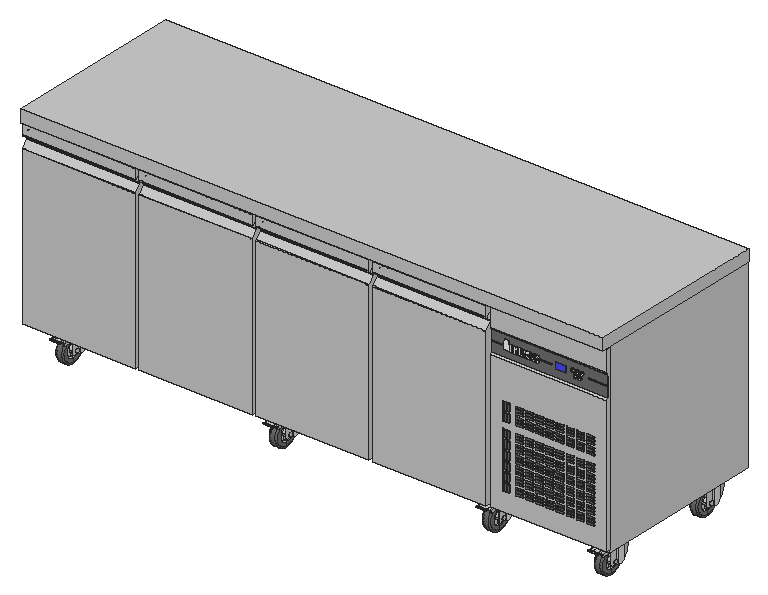
Revit family "QF_INOMAK_PNRP9999_250515103511", category Specialty Equipment, Revit 2021
Family settings
  Round Connector Dimension = Use Diameter
  Part Type = Normal
  OmniClass Number = 23.40.40.14
  OmniClass Title = Food Service Equipment
  Work Plane-Based = No
  Always vertical = Yes
  Cut with Voids When Loaded = No
  Shared = No
  Room Calculation Point = No
Parameters (values of type "PNRP9999")
  Weight [instance] = 162.00 kg
  Warranty Start Date [instance] = ""
  Warranty Duration [instance] = ""
  Volts [instance] = 230 V
  Volt Free Conn [instance] = no
  URL Recommended Spares List [instance] = ""
  URL Manufacturer [instance] = ""
  URL Cutsheet [instance] = ""
  URL Critical Spares List [instance] = ""
  URL = "www.inomak.com"
  Technical Documentation [instance] = ""
  Tag Number [instance] = ""
  Status [instance] = ""
  Start Up Current [instance] = 0 A
  Specification by User [instance] = ""
  Specification by Manufacturer [instance] = ""
  Sound Level [instance] = ""
  Show Logo [instance] = yes
  Show Clearances [instance] = yes
  Service Life Duration [instance] = ""
  Serial Number [instance] = ""
  Seismic Rating [instance] = ""
  SMACNA No [instance] = ""
  Revision Code [instance] = ""
  Revision [instance] = ""
  Production Year [instance] = ""
  Potential Equalisation [instance] = no
  Point Load [instance] = 0
  Phase [instance] = 1
  Other Equipment Approvals [instance] = ""
  Operational Current [instance] = 0 A
  Number of Poles [instance] = 2
  No Load Power Draw [instance] = no
  NAFEM Spec ID Number [instance] = ""
  Model Warning [instance] = ""
  Model = "PNRP9999"
  Min Ckt Ampacity [instance] = 0 A
  Max Overcurrent Protection [instance] = 10 A
  Masterspec [instance] = ""
  Manufacturer = "INOMAK"
  Main switch integrated [instance] = no
  Length Actual [instance] = 2242 mm
  Item Number [instance] = ""
  Installed By [instance] = ""
  Installation Date [instance] = ""
  Identify Quantity as Lot [instance] = no
  ID [instance] = ""
  Hygiene Approval [instance] = ""
  Height Actual [instance] = 900 mm
  HP power [instance] = ""
  Furnished By [instance] = ""
  Foodservice Equipment Identifier [instance] = no
  FL Amps [instance] = 1.94 A
  Electrical Remarks [instance] = ""
  Electric power [instance] = 450 W
  Electric Connection Type [instance] = ""
  Elec Conn RI Height [instance] = 0 mm
  Elec Conn Connection Height [instance] = 0 mm
  ETL Approved [instance] = no
  Description = "PINE REFRIGERATED COUNTER WITH 4 GN 1/1 DOORS"
  Depth Actual [instance] = 700 mm
  Default Elevation = 0 mm
  Cycle [instance] = 50 Hz
  Cost = 0
  Connection to energy optimisation system [instance] = yes
  Conn Plug [instance] = ""
  Conn Conduit [instance] = no
  Centralized building control system with digital interface [instance] = ""
  CSI MasterFormat [instance] = ""
  CE Approved [instance] = no
  Barcode [instance] = 0
  Author [instance] = ""
  Asset Identifier [instance] = ""
  Apparent Power [instance] = 450 VA
  Accessory [instance] = no
Reference planes
  plane 1 "Center (Front/Back)": y = 0
  plane 2: z = 0
  plane 3 "Center (Left/Right)": x = 0
Forms (mm)
  Extrusion 1, solid, not visible
    sketch origin (1835.09, -100.005, 132.006) x (1, 0, 0) y (0, 1, 0)
      loop
        line (-2, 2) -> (-2, -2) -> (2, -2) -> (2, 2) -> (-2, 2)
    from -2 to 2
Dimensions and locks
  locked: nested 2 to Extrusion 1 at 2  (x2)
  aligned and locked: level to plane 2
Nested families
  nested 1: "QF_INOMAK_REF_COUNTERS_2240_2920" at (0, 0, 130), type "PNRP9999"
    with Weight 162.00 kg, Warranty Start Date "", Warranty Duration "", URL Cutsheet "", Technical Documentation "", Tag Number "", Status "", Specification by User "", Specification by Manufacturer "", Sound Level "", Solid Fuel Type "", Show Clearances yes, Show Clearance yes, Service Life Duration "", Serial Number "", Seismic Rating "", SMACNA No "", Revision Code "", Revision "", Production Year "", Point Load 0, Other Equipment Approvals "", NAFEM Spec ID Number "", Model Warning "", Masterspec "", Length Actual 2242 mm, Item Number "", Installed By "", Installation Date "", Identify Quantity as Lot yes, ID "", Hygiene Approval "", Height Actual 900 mm, Furnished By "", Foodservice Equipment Identifier yes, Finish none, ETL Approved yes, Depth Actual 700 mm, CSI MasterFormat "", CE Approved yes, Barcode "", Author "", Asset Identifier "", Accessory no
  nested 2: "CONN_POINT_ELE_2D___Generic_Annotation" at (1835.09, -100.005, 130.006), type "CONN_POINT_ELE_2D___Generic_Annotation"
    with Onboard connection annotation symbol visibility yes
  nested 3: "QF_INOMAK_REF_COUNTERS_DOORS_DRAWERS_6956" at (0, -700, 130), type "DR-LX-710"
    with Weight 0.00 kg, Warranty Start Date "", Warranty Duration "", URL Cutsheet "", Top inset 10 mm, Technical Documentation "", Tag Number "", Status "", Specification by User "", Specification by Manufacturer "", Sound Level "", Solid Fuel Type "", Show Logo yes, Show Clearances yes, Service Life Duration "", Serial Number "", Seismic Rating "", SMACNA No "", Right panel thickness 0 mm, Revision Code "", Revision "", Rear inset 0 mm, Production Year "", Point Load 0, Plinth height 0 mm, Other Equipment Approvals "", NAFEM Spec ID Number "", Model Warning "", Masterspec "", Length Actual 435 mm, Left panel thickness 0 mm, Item Number "", Installed By "", Installation Date "", Identify Quantity as Lot yes, ID "", Hygiene Approval "", Height Actual 710 mm, Furnished By "", Front inset 10 mm, Foodservice Equipment Identifier yes, Finish none, ETL Approved yes, Doors drawers type 8, Depth Actual 80 mm, CSI MasterFormat "", CE Approved yes, Bottom inset 10 mm, Barcode "", Author "", Asset Identifier "", Accessory yes
  nested 4: "QF_INOMAK_REF_COUNTERS_DOORS_DRAWERS_16430" at (450, -700, 130), type "DR-RX-710"
    with Weight 0.00 kg, Warranty Start Date "", Warranty Duration "", URL Cutsheet "", Top inset 10 mm, Technical Documentation "", Tag Number "", Status "", Specification by User "", Specification by Manufacturer "", Sound Level "", Solid Fuel Type "", Show Logo yes, Show Clearances yes, Service Life Duration "", Serial Number "", Seismic Rating "", SMACNA No "", Right panel thickness 0 mm, Revision Code "", Revision "", Rear inset 0 mm, Production Year "", Point Load 0, Plinth height 0 mm, Other Equipment Approvals "", NAFEM Spec ID Number "", Model Warning "", Masterspec "", Length Actual 435 mm, Left panel thickness 0 mm, Item Number "", Installed By "", Installation Date "", Identify Quantity as Lot yes, ID "", Hygiene Approval "", Height Actual 710 mm, Furnished By "", Front inset 10 mm, Foodservice Equipment Identifier yes, Finish none, ETL Approved yes, Doors drawers type 9, Depth Actual 80 mm, CSI MasterFormat "", CE Approved yes, Bottom inset 10 mm, Barcode "", Author "", Asset Identifier "", Accessory yes
  nested 5: "QF_INOMAK_REF_COUNTERS_DOORS_DRAWERS_25901" at (900, -700, 130), type "DR-LX-710"
    with Weight 0.00 kg, Warranty Start Date "", Warranty Duration "", URL Cutsheet "", Top inset 10 mm, Technical Documentation "", Tag Number "", Status "", Specification by User "", Specification by Manufacturer "", Sound Level "", Solid Fuel Type "", Show Logo yes, Show Clearances yes, Service Life Duration "", Serial Number "", Seismic Rating "", SMACNA No "", Right panel thickness 0 mm, Revision Code "", Revision "", Rear inset 0 mm, Production Year "", Point Load 0, Plinth height 0 mm, Other Equipment Approvals "", NAFEM Spec ID Number "", Model Warning "", Masterspec "", Length Actual 435 mm, Left panel thickness 0 mm, Item Number "", Installed By "", Installation Date "", Identify Quantity as Lot yes, ID "", Hygiene Approval "", Height Actual 710 mm, Furnished By "", Front inset 10 mm, Foodservice Equipment Identifier yes, Finish none, ETL Approved yes, Doors drawers type 8, Depth Actual 80 mm, CSI MasterFormat "", CE Approved yes, Bottom inset 10 mm, Barcode "", Author "", Asset Identifier "", Accessory yes
  nested 6: "QF_INOMAK_REF_COUNTERS_DOORS_DRAWERS_35354" at (1350, -700, 130), type "DR-RX-710"
    with Weight 0.00 kg, Warranty Start Date "", Warranty Duration "", URL Cutsheet "", Top inset 10 mm, Technical Documentation "", Tag Number "", Status "", Specification by User "", Specification by Manufacturer "", Sound Level "", Solid Fuel Type "", Show Logo yes, Show Clearances yes, Service Life Duration "", Serial Number "", Seismic Rating "", SMACNA No "", Right panel thickness 0 mm, Revision Code "", Revision "", Rear inset 0 mm, Production Year "", Point Load 0, Plinth height 0 mm, Other Equipment Approvals "", NAFEM Spec ID Number "", Model Warning "", Masterspec "", Length Actual 435 mm, Left panel thickness 0 mm, Item Number "", Installed By "", Installation Date "", Identify Quantity as Lot yes, ID "", Hygiene Approval "", Height Actual 710 mm, Furnished By "", Front inset 10 mm, Foodservice Equipment Identifier yes, Finish none, ETL Approved yes, Doors drawers type 9, Depth Actual 80 mm, CSI MasterFormat "", CE Approved yes, Bottom inset 10 mm, Barcode "", Author "", Asset Identifier "", Accessory yes
  nested 7: "QF_INOMAK_REF_COUNTERS_WORKTOPS_44825" at (0, 0, 840), type "WTWT-2240-700"
    with Worktop without backsplash yes, Worktop with backsplash no, Worktop type 3, Worktop thickness 46 mm, Without worktop no, Weight 0.00 kg, Warranty Start Date "", Warranty Duration "", URL Cutsheet "", Technical Documentation "", Tag Number "", Status "", Specification by User "", Specification by Manufacturer "", Sound Level "", Solid Fuel Type "", Show Logo yes, Show Clearances yes, Service Life Duration "", Serial Number "", Seismic Rating "", SMACNA No "", Revision Code "", Revision "", Production Year "", Point Load 0, Other Equipment Approvals "", NAFEM Spec ID Number "", Model Warning "", Masterspec "", Length Actual 2242 mm, Item Number "", Installed By "", Installation Date "", Identify Quantity as Lot yes, ID "", Hygiene Approval "", Height Actual 46 mm, Height AFF 0 mm, Furnished By "", Foodservice Equipment Identifier yes, Finish none, ETL Approved yes, Depth Actual 700 mm, CSI MasterFormat "", CE Approved yes, Barcode "", Backsplash thickness 20 mm, Backsplash height 60 mm, Author "", Asset Identifier "", Accessory yes
  nested 8: "QF_INOMAK_REF_COUNTERS_CASTORS_46652" at (0, 0, 0), type "CT-2240-700"
    with Weight 0.00 kg, Warranty Start Date "", Warranty Duration "", URL Cutsheet "", Technical Documentation "", Tag Number "", Status "", Specification by User "", Specification by Manufacturer "", Sound Level "", Solid Fuel Type "", Show Logo yes, Show Clearances yes, Service Life Duration "", Serial Number "", Seismic Rating "", SMACNA No "", Revision Code "", Revision "", Production Year "", Point Load 0, Other Equipment Approvals "", NAFEM Spec ID Number "", Model Warning "", Masterspec "", Length Actual 2242 mm, Item Number "", Installed By "", Installation Date "", Identify Quantity as Lot yes, ID "", Hygiene Approval "", Height Actual 130 mm, Furnished By "", Foodservice Equipment Identifier yes, ETL Approved yes, Depth Actual 700 mm, CSI MasterFormat "", CE Approved yes, Barcode "", Author "", Asset Identifier "", Accessory yes
Connectors
  electrical at (1835.09, -100.005, 130.006), driven by "Apparent Power", driven by "Number of Poles", driven by "Volts"
    settings: on Extrusion 1, index 1, voltage 230 V, apparent load 0 VA, apparent load phase1 450 VA, apparent load phase2 0 VA, apparent load phase3 0 VA, power factor 1, load classification "Other", number of poles 2, system type 31, power factor state 1, is connector primary yes, connector utility no, sub classification motor no, connector description "Electrical connection for PNRP9999"
Definition of nested family "QF_INOMAK_REF_COUNTERS_2240_2920"
  Parameters (values of type "PNRP9999")
    Weight [instance] = 0.00 kg
    Warranty Start Date [instance] = ""
    Warranty Duration [instance] = ""
    URL Cutsheet [instance] = ""
    URL = "www.inomak.com"
    Technical Documentation [instance] = ""
    Tag Number [instance] = ""
    Status [instance] = ""
    Specification by User [instance] = ""
    Specification by Manufacturer [instance] = ""
    Sound Level [instance] = ""
    Solid Fuel Type [instance] = ""
    Show Logo = yes
    Show Clearances [instance] = yes
    Show Clearance [instance] = yes
    Service Life Duration [instance] = ""
    Serial Number [instance] = ""
    Seismic Rating [instance] = ""
    SMACNA No [instance] = ""
    Revision Code [instance] = ""
    Revision [instance] = ""
    Production Year [instance] = ""
    Point Load [instance] = 0
    Other Equipment Approvals [instance] = ""
    NAFEM Spec ID Number [instance] = ""
    Model Warning [instance] = ""
    Model = "PNRP9999"
    Masterspec [instance] = ""
    Manufacturer = "INOMAK"
    Length Actual [instance] = 0 mm
    Length = 2242 mm
    Item Number [instance] = ""
    Installed By [instance] = ""
    Installation Date [instance] = ""
    Identify Quantity as Lot [instance] = yes
    ID [instance] = ""
    Hygiene Approval [instance] = ""
    Height Actual [instance] = 0 mm
    Height = 710 mm
    Furnished By [instance] = ""
    Foodservice Equipment Identifier [instance] = yes
    Finish [instance] = none
    ETL Approved [instance] = yes
    Description = "PINE REFRIGERATED COUNTER WITH 4 GN 1/1 DOORS"
    Depth Actual [instance] = 0 mm
    Depth = 700 mm
    Default Elevation = 0 mm
    CSI MasterFormat [instance] = ""
    CE Approved [instance] = yes
    Barcode [instance] = ""
    Author [instance] = ""
    Asset Identifier [instance] = ""
    Assembly Code = "E1090320"
    Accessory [instance] = yes
  Types (2, lengths in mm): name | Model | Description | Depth
    PNRP9999 | "PNRP9999" | "PINE REFRIGERATED COUNTER WITH 4 GN 1/1 DOORS" | 700
    PMRP9999 | "PMRP9999" | "CLOVER CHILLER COUNTER WITH 4 DOORS, COMPACT DIMENSIONS" | 600
  Reference planes
    plane 1 "Back": y = 0
    plane 2: z = 0
    plane 3 "Left": x = 0
    plane 4 "Right": x = 2242
    plane 5 "Front": y = -700
    plane 6 "Top": z = 710
  Forms (mm)
    Extrusion 1, solid, material <- "Finish"
      sketch origin (0, 0, 0) x (1, 0, 0) y (0, 1, 0)
        loop
          line (0, -648) -> (30, -648) -> (30, -30) -> (1767, -30) -> (1767, -648) -> (1797, -648) -> (1797, -665) -> (2242, -665) -> (2242, 0) -> (0, 0) -> (0, -648)
      from 0 to 710
    Extrusion 2, solid, material <- "Finish"
      sketch origin (0, 0, 0) x (1, 0, 0) y (0, 1, 0)
        loop
          line (30, -30) -> (30, -648) -> (1767, -648) -> (1767, -30) -> (30, -30)
      from 0 to 45
    Extrusion 3, solid, material <- "Finish"
      sketch origin (0, 0, 710) x (0, 1, 0) y (-1, 0, 0)
        loop
          line (-30, -30) -> (-648, -30) -> (-648, -1767) -> (-30, -1767) -> (-30, -30)
      from 0 to -30
    Extrusion 4, solid, material <- "Finish"
      sketch origin (2242, 0, 0) x (0, -1, 0) y (0, 0, 1)
        loop
          line (683.05, 705) -> (665, 705) -> (665, 10) -> (683.05, 10) -> (683.05, 532.058) -> (676.05, 539.058) -> (676.05, 618.864) -> (683.05, 625.864) -> (683.05, 705)
      from 0 to 445
    Extrusion 5, solid
      sketch origin (0, -700, 0) x (-1, 0, 0) y (0, 0, 1)
        loop
          circle (-2108.654, 586.73) r 6.965
        loop
          circle (-2125.685, 586.73) r 6.965
        loop
          circle (-2142.694, 586.73) r 6.965
        loop
          circle (-2117.18, 568.729) r 6.965
        loop
          circle (-2134.189, 568.729) r 6.965
        loop
          circle (-2108.654, 586.73) r 3.965
        loop
          circle (-2125.685, 586.73) r 3.965
        loop
          circle (-2142.694, 586.73) r 3.965
        loop
          circle (-2117.18, 568.729) r 3.965
        loop
          circle (-2134.189, 568.729) r 3.965
      from 23 to 25.5
    Extrusion 6, solid
      sketch origin (0, -700, 0) x (-1, 0, 0) y (0, 0, 1)
        loop
          line (-2080.865, 590.461) -> (-2080.865, 567.461) -> (-2040.865, 567.461) -> (-2040.865, 590.461) -> (-2080.865, 590.461)
      from 23 to 25.5
    Extrusion 7, solid
      sketch origin (0, -700, 0) x (-1, 0, 0) y (0, 0, 1)
        loop
          line (-1797, 618.864) -> (-2242, 618.864) -> (-2242, 539.058) -> (-1797, 539.058) -> (-1797, 618.864)
      from 23.5 to 25.5
    Extrusion 8, solid, visible <- "Show Logo"
      sketch origin (0, -700, 0) x (-1, 0, 0) y (0, 0, 1)
        loop
          line (-1841.061, 591.01) -> (-1847.061, 591.01) -> (-1847.061, 602.118) -> (-1861.298, 602.118) -> (-1861.298, 591.01) -> (-1867.298, 591.01) -> (-1867.298, 564.76) -> (-1841.061, 564.76) -> (-1841.061, 591.01)
        loop
          line (-1871.613, 590.698) -> (-1878.903, 590.698) -> (-1878.903, 564.76) -> (-1871.613, 564.76) -> (-1871.613, 590.698)
        loop
          line (-1881.422, 564.76) -> (-1881.422, 590.698) -> (-1888.256, 590.698) -> (-1891.449, 578.78) -> (-1891.449, 590.698) -> (-1897.982, 590.698) -> (-1897.982, 564.76) -> (-1891.449, 564.76) -> (-1887.735, 578.623) -> (-1887.735, 564.76) -> (-1881.422, 564.76)
        loop
          line (-1918.664, 564.76) -> (-1918.664, 590.698) -> (-1927.626, 590.698) -> (-1929.988, 576.688) -> (-1932.35, 590.698) -> (-1941.312, 590.698) -> (-1941.312, 564.76) -> (-1934.687, 564.76) -> (-1934.687, 578.623) -> (-1932.35, 564.76) -> (-1927.626, 564.76) -> (-1925.289, 578.623) -> (-1925.289, 564.76) -> (-1918.664, 564.76)
        loop
          line (-1903.851, 590.698) -> (-1913.176, 590.698)
          arc (-1913.176, 590.698) -> (-1915.773, 589.622) -> (-1916.849, 587.026) r 3.672
          line (-1916.849, 587.026) -> (-1916.849, 568.433)
          arc (-1916.849, 568.433) -> (-1915.773, 565.836) -> (-1913.176, 564.76) r 3.672
          line (-1913.176, 564.76) -> (-1903.851, 564.76)
          arc (-1903.851, 564.76) -> (-1901.255, 565.836) -> (-1900.179, 568.433) r 3.672
          line (-1900.179, 568.433) -> (-1900.179, 587.026)
          arc (-1900.179, 587.026) -> (-1901.255, 589.622) -> (-1903.851, 590.698) r 3.672
        loop
          arc (-1907.487, 587.542) -> (-1908.514, 588.569) -> (-1909.541, 587.542) r 1.027
          line (-1909.541, 587.542) -> (-1909.541, 568.949)
          arc (-1909.541, 568.949) -> (-1908.514, 567.922) -> (-1907.487, 568.949) r 1.027
          line (-1907.487, 568.949) -> (-1907.487, 587.542)
        loop
          line (-1942.382, 564.76) -> (-1946.755, 590.698) -> (-1955.615, 590.698) -> (-1959.988, 564.76) -> (-1953.461, 564.76) -> (-1952.852, 569.723) -> (-1949.518, 569.723) -> (-1948.909, 564.76) -> (-1942.382, 564.76)
        loop
          line (-1950.074, 574.252) -> (-1951.185, 583.299) -> (-1952.296, 574.252) -> (-1950.074, 574.252)
        loop
          line (-1960.954, 564.76) -> (-1960.954, 590.698) -> (-1967.579, 590.698) -> (-1967.579, 581.585) -> (-1970.365, 590.698) -> (-1977.803, 590.698) -> (-1973.474, 579.422) -> (-1978.522, 564.76) -> (-1970.939, 564.76) -> (-1967.579, 577.3) -> (-1967.579, 564.76) -> (-1960.954, 564.76)
      from 23 to 25.5
    Extrusion 9, solid
      sketch origin (0, -700, 0) x (-1, 0, 0) y (0, 0, 1)
        loop
          line (-1797, 580.961) -> (-1833.995, 580.961) -> (-1833.995, 576.961) -> (-1797, 576.961) -> (-1797, 580.961)
        loop
          line (-1982, 580.961) -> (-2026.365, 580.961) -> (-2026.365, 576.961) -> (-1982, 576.961) -> (-1982, 580.961)
        loop
          line (-2242, 580.961) -> (-2242, 576.961) -> (-2168.755, 576.961) -> (-2168.755, 580.961) -> (-2242, 580.961)
      from 23 to 25.5
  Cuts and joins
    joined: Extrusion 1, Extrusion 2, Extrusion 3
  Lines and regions (mm)
    symbolic lines, visible <- "Show Clearance"
      curve 1: line (0, 0, 0) -> (2242, 0, 0)
      curve 2: line (2242, 0, 0) -> (2242, -700, 0)
      curve 3: line (2242, -700, 0) -> (0, -700, 0)
      curve 4: line (0, -700, 0) -> (0, 0, 0)
  Dimensions and locks
    "Length": plane 3 "Left" to plane 4 "Right"
    "Depth": plane 5 "Front" to plane 1 "Back"
    "Height": plane 6 "Top" to plane 2
    aligned and locked: level to plane 2
    aligned and locked: plane 6 "Top" to Extrusion 1
    aligned and locked: nested 1 to plane 4 "Right"
    aligned and locked: plane 5 "Front" to nested 1
    aligned and locked: plane 5 "Front" to curve 3
  Automatic sketch dimensions
    plane 3 "Left" to Extrusion 2 sketch curve = 30 mm
    plane 4 "Right" to Extrusion 2 sketch curve = 475 mm
    plane 1 "Back" to Extrusion 2 sketch curve = 30 mm
    plane 1 "Back" to Extrusion 3 sketch curve = 30 mm
    plane 4 "Right" to Extrusion 3 sketch curve = 475 mm
    plane 3 "Left" to Extrusion 3 sketch curve = 30 mm
    Extrusion 1 sketch curve to plane 3 "Left" = 0 mm
    plane 1 "Back" to Extrusion 1 sketch curve = 0 mm
    Extrusion 1 sketch curve to plane 4 "Right" = 0 mm
    plane 3 "Left" to Extrusion 1 sketch curve = 30 mm
    plane 1 "Back" to Extrusion 1 sketch curve = 30 mm
    plane 4 "Right" to Extrusion 1 sketch curve = 475 mm
    Extrusion 1 sketch curve to Extrusion 1 sketch curve = 30 mm
    plane 5 "Front" to Extrusion 1 sketch curve = 35 mm
    plane 5 "Front" to Extrusion 1 sketch curve = 52 mm
    Extrusion 1 sketch curve to Extrusion 1 sketch curve = 17 mm
    plane 5 "Front" to Extrusion 2 sketch curve = 52 mm
    plane 5 "Front" to Extrusion 3 sketch curve = 52 mm
    Extrusion 4 sketch curve to plane 6 "Top" = 5 mm
    plane 5 "Front" to Extrusion 4 sketch curve = 35 mm
    plane 5 "Front" to Extrusion 4 sketch curve = 23.95 mm
    Extrusion 4 sketch curve to Extrusion 4 sketch curve = 7 mm  (x4)
    Extrusion 4 sketch curve to Extrusion 4 sketch curve = 79.136 mm
    Extrusion 4 sketch curve to Extrusion 4 sketch curve = 79.807 mm
    level to Extrusion 4 sketch curve = 10 mm
    Extrusion 5 sketch curve to Extrusion 5 sketch curve = 0 mm  (x13)
    plane 4 "Right" to Extrusion 5 sketch curve = 99.306 mm
    Extrusion 5 sketch curve to Extrusion 5 sketch curve = 8.505 mm
    Extrusion 5 sketch curve to Extrusion 5 sketch curve = 17.009 mm  (x2)
    Extrusion 5 sketch curve to Extrusion 5 sketch curve = 17.03 mm
    Extrusion 5 sketch curve to plane 6 "Top" = 141.271 mm
    Extrusion 5 sketch curve to Extrusion 5 sketch curve = 18.001 mm
    plane 4 "Right" to Extrusion 6 sketch curve = 161.135 mm
    Extrusion 6 sketch curve to Extrusion 6 sketch curve = 40 mm
    Extrusion 6 sketch curve to plane 6 "Top" = 142.539 mm
    Extrusion 6 sketch curve to Extrusion 6 sketch curve = 23 mm
    plane 4 "Right" to Extrusion 7 sketch curve = 0 mm
    Extrusion 7 sketch curve to plane 6 "Top" = 170.942 mm
    plane 4 "Right" to Extrusion 7 sketch curve = 445 mm
    Extrusion 7 sketch curve to Extrusion 7 sketch curve = 79.807 mm
    plane 4 "Right" to Extrusion 8 sketch curve = 263.478 mm
    Extrusion 8 sketch curve to Extrusion 8 sketch curve = 0.72 mm
    Extrusion 8 sketch curve to plane 6 "Top" = 130.578 mm
    Extrusion 8 sketch curve to Extrusion 8 sketch curve = 4.329 mm
    Extrusion 8 sketch curve to Extrusion 8 sketch curve = 7.584 mm
    Extrusion 8 sketch curve to plane 6 "Top" = 119.302 mm  (x2)
    Extrusion 8 sketch curve to Extrusion 8 sketch curve = 7.438 mm
    Extrusion 8 sketch curve to plane 6 "Top" = 132.7 mm
    Extrusion 8 sketch curve to Extrusion 8 sketch curve = 5.895 mm
    Extrusion 8 sketch curve to plane 6 "Top" = 128.415 mm
    Extrusion 8 sketch curve to Extrusion 8 sketch curve = 0 mm  (x11)
    Extrusion 8 sketch curve to Extrusion 8 sketch curve = 6.625 mm  (x2)
    Extrusion 8 sketch curve to Extrusion 8 sketch curve = 0.965 mm
    Extrusion 8 sketch curve to Extrusion 8 sketch curve = 5.338 mm
    Extrusion 8 sketch curve to Extrusion 8 sketch curve = 6.527 mm  (x2)
    Extrusion 8 sketch curve to plane 6 "Top" = 140.277 mm
    Extrusion 8 sketch curve to Extrusion 8 sketch curve = 0.609 mm
    Extrusion 8 sketch curve to plane 6 "Top" = 135.748 mm
    Extrusion 8 sketch curve to Extrusion 8 sketch curve = 0.556 mm
    Extrusion 8 sketch curve to plane 6 "Top" = 126.701 mm
    Extrusion 8 sketch curve to Extrusion 8 sketch curve = 4.43 mm  (x2)
    Extrusion 8 sketch curve to Extrusion 8 sketch curve = 2.222 mm
    Extrusion 8 sketch curve to Extrusion 8 sketch curve = 3.334 mm
    Extrusion 8 sketch curve to Extrusion 8 sketch curve = 4.552 mm
    Extrusion 8 sketch curve to plane 6 "Top" = 145.24 mm  (x2)
    Extrusion 8 sketch curve to Extrusion 8 sketch curve = 1.069 mm
    Extrusion 8 sketch curve to plane 6 "Top" = 131.377 mm  (x2)
    Extrusion 8 sketch curve to Extrusion 8 sketch curve = 8.962 mm  (x2)
    Extrusion 8 sketch curve to Extrusion 8 sketch curve = 2.337 mm
    Extrusion 8 sketch curve to plane 6 "Top" = 133.312 mm
    Extrusion 8 sketch curve to Extrusion 8 sketch curve = 4.699 mm  (x2)
    Extrusion 8 sketch curve to Extrusion 8 sketch curve = 4.724 mm  (x2)
    Extrusion 8 sketch curve to Extrusion 8 sketch curve = 1.815 mm
    Extrusion 8 sketch curve to Extrusion 8 sketch curve = 3.672 mm  (x8)
    Extrusion 8 sketch curve to Extrusion 8 sketch curve = 3.636 mm  (x3)
    Extrusion 8 sketch curve to Extrusion 8 sketch curve = 1.027 mm
    Extrusion 8 sketch curve to Extrusion 8 sketch curve = 2.197 mm
    Extrusion 8 sketch curve to Extrusion 8 sketch curve = 6.532 mm  (x2)
    Extrusion 8 sketch curve to Extrusion 8 sketch curve = 3.194 mm
    Extrusion 8 sketch curve to Extrusion 8 sketch curve = 3.714 mm
    Extrusion 8 sketch curve to Extrusion 8 sketch curve = 6.312 mm
    Extrusion 8 sketch curve to Extrusion 8 sketch curve = 2.52 mm
    Extrusion 8 sketch curve to Extrusion 8 sketch curve = 7.29 mm
    Extrusion 8 sketch curve to Extrusion 8 sketch curve = 4.315 mm
    Extrusion 8 sketch curve to Extrusion 8 sketch curve = 6 mm
    Extrusion 8 sketch curve to Extrusion 8 sketch curve = 14.237 mm
    Extrusion 8 sketch curve to Extrusion 8 sketch curve = 26.237 mm
    Extrusion 8 sketch curve to Extrusion 8 sketch curve = 14.661 mm
    Extrusion 8 sketch curve to Extrusion 8 sketch curve = 4.963 mm
    Extrusion 8 sketch curve to Extrusion 8 sketch curve = 0.516 mm  (x2)
    Extrusion 8 sketch curve to Extrusion 8 sketch curve = 13.862 mm
    Extrusion 8 sketch curve to Extrusion 8 sketch curve = 0.157 mm
    Extrusion 8 sketch curve to Extrusion 8 sketch curve = 26.25 mm
    Extrusion 8 sketch curve to Extrusion 8 sketch curve = 0.312 mm
    Extrusion 8 sketch curve to Extrusion 8 sketch curve = 11.107 mm
    plane 4 "Right" to Extrusion 9 sketch curve = 0 mm
    plane 4 "Right" to Extrusion 9 sketch curve = 73.245 mm
    Extrusion 9 sketch curve to Extrusion 9 sketch curve = 142.39 mm
    Extrusion 9 sketch curve to Extrusion 9 sketch curve = 44.365 mm
    Extrusion 9 sketch curve to Extrusion 9 sketch curve = 148.005 mm
    Extrusion 9 sketch curve to Extrusion 9 sketch curve = 36.995 mm
    Extrusion 9 sketch curve to plane 6 "Top" = 133.039 mm  (x3)
    Extrusion 9 sketch curve to Extrusion 9 sketch curve = 4 mm  (x3)
    plane 1 "Back" to curve 1 = 0 mm
    curve 1 to plane 3 "Left" = 0 mm
    curve 2 to plane 4 "Right" = 0 mm
    radius of Extrusion 5 sketch curve = 6.965 mm  (x5)
    radius of Extrusion 5 sketch curve = 3.965 mm  (x5)
  Nested families
    nested 1: "QF_INOMAK_CONRTOL-PANEL" at (2242, 0, 0), type "PNRP9999"
      with Show Clearance yes
  Definition of nested family "QF_INOMAK_CONRTOL-PANEL"
    Parameters (values of type "PNRP9999")
      URL = ""
      Show Logo = yes
      Show Clearance [instance] = yes
      Model = ""
      Manufacturer = ""
      Length = 0 mm
      Height = 710 mm
      Front offset = 80 mm
      Description = ""
      Depth = 700 mm
      Default Elevation = 0 mm
      Assembly Code = ""
    Reference planes
      plane 1 "Back": y = 0
      plane 2: z = 0
      plane 3 "Left": x = 0
      plane 4 "Right": x = 0
      plane 5 "Front": y = -700
      plane 6 "Top": z = 710
      plane 7 "Front offset": y = -620
    Forms (mm)
      Extrusion 1, solid
        sketch origin (-2240, -700, 0) x (-1, 0, 0) y (0, 0, 1)
          loop
            arc (-2191.4, 389.855) -> (-2194.4, 386.855) -> (-2191.4, 383.855) r 3
            line (-2191.4, 383.855) -> (-2167.4, 383.855)
            arc (-2167.4, 383.855) -> (-2164.4, 386.855) -> (-2167.4, 389.855) r 3
            line (-2167.4, 389.855) -> (-2191.4, 389.855)
          loop
            arc (-2152.4, 389.855) -> (-2155.4, 386.855) -> (-2152.4, 383.855) r 3
            line (-2152.4, 383.855) -> (-2128.4, 383.855)
            arc (-2128.4, 383.855) -> (-2125.4, 386.855) -> (-2128.4, 389.855) r 3
            line (-2128.4, 389.855) -> (-2152.4, 389.855)
          loop
            arc (-2113.4, 389.855) -> (-2116.4, 386.855) -> (-2113.4, 383.855) r 3
            line (-2113.4, 383.855) -> (-2089.4, 383.855)
            arc (-2089.4, 383.855) -> (-2086.4, 386.855) -> (-2089.4, 389.855) r 3
            line (-2089.4, 389.855) -> (-2113.4, 389.855)
          loop
            arc (-2074.4, 389.855) -> (-2077.4, 386.855) -> (-2074.4, 383.855) r 3
            line (-2074.4, 383.855) -> (-2050.4, 383.855)
            arc (-2050.4, 383.855) -> (-2047.4, 386.855) -> (-2050.4, 389.855) r 3
            line (-2050.4, 389.855) -> (-2074.4, 389.855)
          loop
            arc (-2035.4, 389.855) -> (-2038.4, 386.855) -> (-2035.4, 383.855) r 3
            line (-2035.4, 383.855) -> (-2011.4, 383.855)
            arc (-2011.4, 383.855) -> (-2008.4, 386.855) -> (-2011.4, 389.855) r 3
            line (-2011.4, 389.855) -> (-2035.4, 389.855)
          loop
            arc (-1996.4, 389.855) -> (-1999.4, 386.855) -> (-1996.4, 383.855) r 3
            line (-1996.4, 383.855) -> (-1972.4, 383.855)
            arc (-1972.4, 383.855) -> (-1969.4, 386.855) -> (-1972.4, 389.855) r 3
            line (-1972.4, 389.855) -> (-1996.4, 389.855)
          loop
            arc (-1957.4, 389.855) -> (-1960.4, 386.855) -> (-1957.4, 383.855) r 3
            line (-1957.4, 383.855) -> (-1933.4, 383.855)
            arc (-1933.4, 383.855) -> (-1930.4, 386.855) -> (-1933.4, 389.855) r 3
            line (-1933.4, 389.855) -> (-1957.4, 389.855)
          loop
            arc (-1918.4, 389.855) -> (-1921.4, 386.855) -> (-1918.4, 383.855) r 3
            line (-1918.4, 383.855) -> (-1894.4, 383.855)
            arc (-1894.4, 383.855) -> (-1891.4, 386.855) -> (-1894.4, 389.855) r 3
            line (-1894.4, 389.855) -> (-1918.4, 389.855)
          loop
            arc (-2191.4, 378.855) -> (-2194.4, 375.855) -> (-2191.4, 372.855) r 3
            line (-2191.4, 372.855) -> (-2167.4, 372.855)
            arc (-2167.4, 372.855) -> (-2164.4, 375.855) -> (-2167.4, 378.855) r 3
            line (-2167.4, 378.855) -> (-2191.4, 378.855)
          loop
            arc (-2152.4, 378.855) -> (-2155.4, 375.855) -> (-2152.4, 372.855) r 3
            line (-2152.4, 372.855) -> (-2128.4, 372.855)
            arc (-2128.4, 372.855) -> (-2125.4, 375.855) -> (-2128.4, 378.855) r 3
            line (-2128.4, 378.855) -> (-2152.4, 378.855)
          loop
            arc (-2113.4, 378.855) -> (-2116.4, 375.855) -> (-2113.4, 372.855) r 3
            line (-2113.4, 372.855) -> (-2089.4, 372.855)
            arc (-2089.4, 372.855) -> (-2086.4, 375.855) -> (-2089.4, 378.855) r 3
            line (-2089.4, 378.855) -> (-2113.4, 378.855)
          loop
            arc (-2074.4, 378.855) -> (-2077.4, 375.855) -> (-2074.4, 372.855) r 3
            line (-2074.4, 372.855) -> (-2050.4, 372.855)
            arc (-2050.4, 372.855) -> (-2047.4, 375.855) -> (-2050.4, 378.855) r 3
            line (-2050.4, 378.855) -> (-2074.4, 378.855)
          loop
            arc (-2035.4, 378.855) -> (-2038.4, 375.855) -> (-2035.4, 372.855) r 3
            line (-2035.4, 372.855) -> (-2011.4, 372.855)
            arc (-2011.4, 372.855) -> (-2008.4, 375.855) -> (-2011.4, 378.855) r 3
            line (-2011.4, 378.855) -> (-2035.4, 378.855)
          loop
            arc (-1996.4, 378.855) -> (-1999.4, 375.855) -> (-1996.4, 372.855) r 3
            line (-1996.4, 372.855) -> (-1972.4, 372.855)
            arc (-1972.4, 372.855) -> (-1969.4, 375.855) -> (-1972.4, 378.855) r 3
            line (-1972.4, 378.855) -> (-1996.4, 378.855)
          loop
            arc (-1957.4, 378.855) -> (-1960.4, 375.855) -> (-1957.4, 372.855) r 3
            line (-1957.4, 372.855) -> (-1933.4, 372.855)
            arc (-1933.4, 372.855) -> (-1930.4, 375.855) -> (-1933.4, 378.855) r 3
            line (-1933.4, 378.855) -> (-1957.4, 378.855)
          loop
            arc (-1918.4, 378.855) -> (-1921.4, 375.855) -> (-1918.4, 372.855) r 3
            line (-1918.4, 372.855) -> (-1894.4, 372.855)
            arc (-1894.4, 372.855) -> (-1891.4, 375.855) -> (-1894.4, 378.855) r 3
            line (-1894.4, 378.855) -> (-1918.4, 378.855)
          loop
            arc (-2191.4, 367.855) -> (-2194.4, 364.855) -> (-2191.4, 361.855) r 3
            line (-2191.4, 361.855) -> (-2167.4, 361.855)
            arc (-2167.4, 361.855) -> (-2164.4, 364.855) -> (-2167.4, 367.855) r 3
            line (-2167.4, 367.855) -> (-2191.4, 367.855)
          loop
            arc (-2152.4, 367.855) -> (-2155.4, 364.855) -> (-2152.4, 361.855) r 3
            line (-2152.4, 361.855) -> (-2128.4, 361.855)
            arc (-2128.4, 361.855) -> (-2125.4, 364.855) -> (-2128.4, 367.855) r 3
            line (-2128.4, 367.855) -> (-2152.4, 367.855)
          loop
            arc (-2113.4, 367.855) -> (-2116.4, 364.855) -> (-2113.4, 361.855) r 3
            line (-2113.4, 361.855) -> (-2089.4, 361.855)
            arc (-2089.4, 361.855) -> (-2086.4, 364.855) -> (-2089.4, 367.855) r 3
            line (-2089.4, 367.855) -> (-2113.4, 367.855)
          loop
            arc (-2074.4, 367.855) -> (-2077.4, 364.855) -> (-2074.4, 361.855) r 3
            line (-2074.4, 361.855) -> (-2050.4, 361.855)
            arc (-2050.4, 361.855) -> (-2047.4, 364.855) -> (-2050.4, 367.855) r 3
            line (-2050.4, 367.855) -> (-2074.4, 367.855)
          loop
            arc (-2035.4, 367.855) -> (-2038.4, 364.855) -> (-2035.4, 361.855) r 3
            line (-2035.4, 361.855) -> (-2011.4, 361.855)
            arc (-2011.4, 361.855) -> (-2008.4, 364.855) -> (-2011.4, 367.855) r 3
            line (-2011.4, 367.855) -> (-2035.4, 367.855)
          loop
            arc (-1996.4, 367.855) -> (-1999.4, 364.855) -> (-1996.4, 361.855) r 3
            line (-1996.4, 361.855) -> (-1972.4, 361.855)
            arc (-1972.4, 361.855) -> (-1969.4, 364.855) -> (-1972.4, 367.855) r 3
            line (-1972.4, 367.855) -> (-1996.4, 367.855)
          loop
            arc (-1957.4, 367.855) -> (-1960.4, 364.855) -> (-1957.4, 361.855) r 3
            line (-1957.4, 361.855) -> (-1933.4, 361.855)
            arc (-1933.4, 361.855) -> (-1930.4, 364.855) -> (-1933.4, 367.855) r 3
            line (-1933.4, 367.855) -> (-1957.4, 367.855)
          loop
            arc (-1918.4, 367.855) -> (-1921.4, 364.855) -> (-1918.4, 361.855) r 3
            line (-1918.4, 361.855) -> (-1894.4, 361.855)
            arc (-1894.4, 361.855) -> (-1891.4, 364.855) -> (-1894.4, 367.855) r 3
            line (-1894.4, 367.855) -> (-1918.4, 367.855)
          loop
            arc (-2191.4, 352.855) -> (-2194.4, 349.855) -> (-2191.4, 346.855) r 3
            line (-2191.4, 346.855) -> (-2167.4, 346.855)
            arc (-2167.4, 346.855) -> (-2164.4, 349.855) -> (-2167.4, 352.855) r 3
            line (-2167.4, 352.855) -> (-2191.4, 352.855)
          loop
            arc (-2152.4, 352.855) -> (-2155.4, 349.855) -> (-2152.4, 346.855) r 3
            line (-2152.4, 346.855) -> (-2128.4, 346.855)
            arc (-2128.4, 346.855) -> (-2125.4, 349.855) -> (-2128.4, 352.855) r 3
            line (-2128.4, 352.855) -> (-2152.4, 352.855)
          loop
            arc (-2113.4, 352.855) -> (-2116.4, 349.855) -> (-2113.4, 346.855) r 3
            line (-2113.4, 346.855) -> (-2089.4, 346.855)
            arc (-2089.4, 346.855) -> (-2086.4, 349.855) -> (-2089.4, 352.855) r 3
            line (-2089.4, 352.855) -> (-2113.4, 352.855)
          loop
            arc (-2074.4, 352.855) -> (-2077.4, 349.855) -> (-2074.4, 346.855) r 3
            line (-2074.4, 346.855) -> (-2050.4, 346.855)
            arc (-2050.4, 346.855) -> (-2047.4, 349.855) -> (-2050.4, 352.855) r 3
            line (-2050.4, 352.855) -> (-2074.4, 352.855)
          loop
            arc (-2035.4, 352.855) -> (-2038.4, 349.855) -> (-2035.4, 346.855) r 3
            line (-2035.4, 346.855) -> (-2011.4, 346.855)
            arc (-2011.4, 346.855) -> (-2008.4, 349.855) -> (-2011.4, 352.855) r 3
            line (-2011.4, 352.855) -> (-2035.4, 352.855)
          loop
            arc (-1996.4, 352.855) -> (-1999.4, 349.855) -> (-1996.4, 346.855) r 3
            line (-1996.4, 346.855) -> (-1972.4, 346.855)
            arc (-1972.4, 346.855) -> (-1969.4, 349.855) -> (-1972.4, 352.855) r 3
            line (-1972.4, 352.855) -> (-1996.4, 352.855)
          loop
            arc (-1957.4, 352.855) -> (-1960.4, 349.855) -> (-1957.4, 346.855) r 3
            line (-1957.4, 346.855) -> (-1933.4, 346.855)
            arc (-1933.4, 346.855) -> (-1930.4, 349.855) -> (-1933.4, 352.855) r 3
            line (-1933.4, 352.855) -> (-1957.4, 352.855)
          loop
            arc (-1918.4, 352.855) -> (-1921.4, 349.855) -> (-1918.4, 346.855) r 3
            line (-1918.4, 346.855) -> (-1894.4, 346.855)
            arc (-1894.4, 346.855) -> (-1891.4, 349.855) -> (-1894.4, 352.855) r 3
            line (-1894.4, 352.855) -> (-1918.4, 352.855)
          loop
            arc (-2191.4, 341.855) -> (-2194.4, 338.855) -> (-2191.4, 335.855) r 3
            line (-2191.4, 335.855) -> (-2167.4, 335.855)
            arc (-2167.4, 335.855) -> (-2164.4, 338.855) -> (-2167.4, 341.855) r 3
            line (-2167.4, 341.855) -> (-2191.4, 341.855)
          loop
            arc (-2152.4, 341.855) -> (-2155.4, 338.855) -> (-2152.4, 335.855) r 3
            line (-2152.4, 335.855) -> (-2128.4, 335.855)
            arc (-2128.4, 335.855) -> (-2125.4, 338.855) -> (-2128.4, 341.855) r 3
            line (-2128.4, 341.855) -> (-2152.4, 341.855)
          loop
            arc (-2113.4, 341.855) -> (-2116.4, 338.855) -> (-2113.4, 335.855) r 3
            line (-2113.4, 335.855) -> (-2089.4, 335.855)
            arc (-2089.4, 335.855) -> (-2086.4, 338.855) -> (-2089.4, 341.855) r 3
            line (-2089.4, 341.855) -> (-2113.4, 341.855)
          loop
            arc (-2074.4, 341.855) -> (-2077.4, 338.855) -> (-2074.4, 335.855) r 3
            line (-2074.4, 335.855) -> (-2050.4, 335.855)
            arc (-2050.4, 335.855) -> (-2047.4, 338.855) -> (-2050.4, 341.855) r 3
            line (-2050.4, 341.855) -> (-2074.4, 341.855)
          loop
            arc (-2035.4, 341.855) -> (-2038.4, 338.855) -> (-2035.4, 335.855) r 3
            line (-2035.4, 335.855) -> (-2011.4, 335.855)
            arc (-2011.4, 335.855) -> (-2008.4, 338.855) -> (-2011.4, 341.855) r 3
            line (-2011.4, 341.855) -> (-2035.4, 341.855)
          loop
            arc (-1996.4, 341.855) -> (-1999.4, 338.855) -> (-1996.4, 335.855) r 3
            line (-1996.4, 335.855) -> (-1972.4, 335.855)
            arc (-1972.4, 335.855) -> (-1969.4, 338.855) -> (-1972.4, 341.855) r 3
            line (-1972.4, 341.855) -> (-1996.4, 341.855)
          loop
            arc (-1957.4, 341.855) -> (-1960.4, 338.855) -> (-1957.4, 335.855) r 3
            line (-1957.4, 335.855) -> (-1933.4, 335.855)
            arc (-1933.4, 335.855) -> (-1930.4, 338.855) -> (-1933.4, 341.855) r 3
            line (-1933.4, 341.855) -> (-1957.4, 341.855)
          loop
            arc (-1918.4, 341.855) -> (-1921.4, 338.855) -> (-1918.4, 335.855) r 3
            line (-1918.4, 335.855) -> (-1894.4, 335.855)
            arc (-1894.4, 335.855) -> (-1891.4, 338.855) -> (-1894.4, 341.855) r 3
            line (-1894.4, 341.855) -> (-1918.4, 341.855)
          loop
            arc (-2191.4, 330.855) -> (-2194.4, 327.855) -> (-2191.4, 324.855) r 3
            line (-2191.4, 324.855) -> (-2167.4, 324.855)
            arc (-2167.4, 324.855) -> (-2164.4, 327.855) -> (-2167.4, 330.855) r 3
            line (-2167.4, 330.855) -> (-2191.4, 330.855)
          loop
            arc (-2152.4, 330.855) -> (-2155.4, 327.855) -> (-2152.4, 324.855) r 3
            line (-2152.4, 324.855) -> (-2128.4, 324.855)
            arc (-2128.4, 324.855) -> (-2125.4, 327.855) -> (-2128.4, 330.855) r 3
            line (-2128.4, 330.855) -> (-2152.4, 330.855)
          loop
            arc (-2113.4, 330.855) -> (-2116.4, 327.855) -> (-2113.4, 324.855) r 3
            line (-2113.4, 324.855) -> (-2089.4, 324.855)
            arc (-2089.4, 324.855) -> (-2086.4, 327.855) -> (-2089.4, 330.855) r 3
            line (-2089.4, 330.855) -> (-2113.4, 330.855)
          loop
            arc (-2074.4, 330.855) -> (-2077.4, 327.855) -> (-2074.4, 324.855) r 3
            line (-2074.4, 324.855) -> (-2050.4, 324.855)
            arc (-2050.4, 324.855) -> (-2047.4, 327.855) -> (-2050.4, 330.855) r 3
            line (-2050.4, 330.855) -> (-2074.4, 330.855)
          loop
            arc (-2035.4, 330.855) -> (-2038.4, 327.855) -> (-2035.4, 324.855) r 3
            line (-2035.4, 324.855) -> (-2011.4, 324.855)
            arc (-2011.4, 324.855) -> (-2008.4, 327.855) -> (-2011.4, 330.855) r 3
            line (-2011.4, 330.855) -> (-2035.4, 330.855)
          loop
            arc (-1996.4, 330.855) -> (-1999.4, 327.855) -> (-1996.4, 324.855) r 3
            line (-1996.4, 324.855) -> (-1972.4, 324.855)
            arc (-1972.4, 324.855) -> (-1969.4, 327.855) -> (-1972.4, 330.855) r 3
            line (-1972.4, 330.855) -> (-1996.4, 330.855)
          loop
            arc (-1957.4, 330.855) -> (-1960.4, 327.855) -> (-1957.4, 324.855) r 3
            line (-1957.4, 324.855) -> (-1933.4, 324.855)
            arc (-1933.4, 324.855) -> (-1930.4, 327.855) -> (-1933.4, 330.855) r 3
            line (-1933.4, 330.855) -> (-1957.4, 330.855)
          loop
            arc (-1918.4, 330.855) -> (-1921.4, 327.855) -> (-1918.4, 324.855) r 3
            line (-1918.4, 324.855) -> (-1894.4, 324.855)
            arc (-1894.4, 324.855) -> (-1891.4, 327.855) -> (-1894.4, 330.855) r 3
            line (-1894.4, 330.855) -> (-1918.4, 330.855)
          loop
            arc (-2191.4, 295.855) -> (-2194.4, 292.855) -> (-2191.4, 289.855) r 3
            line (-2191.4, 289.855) -> (-2167.4, 289.855)
            arc (-2167.4, 289.855) -> (-2164.4, 292.855) -> (-2167.4, 295.855) r 3
            line (-2167.4, 295.855) -> (-2191.4, 295.855)
          loop
            arc (-2152.4, 295.855) -> (-2155.4, 292.855) -> (-2152.4, 289.855) r 3
            line (-2152.4, 289.855) -> (-2128.4, 289.855)
            arc (-2128.4, 289.855) -> (-2125.4, 292.855) -> (-2128.4, 295.855) r 3
            line (-2128.4, 295.855) -> (-2152.4, 295.855)
          loop
            arc (-2113.4, 295.855) -> (-2116.4, 292.855) -> (-2113.4, 289.855) r 3
            line (-2113.4, 289.855) -> (-2089.4, 289.855)
            arc (-2089.4, 289.855) -> (-2086.4, 292.855) -> (-2089.4, 295.855) r 3
            line (-2089.4, 295.855) -> (-2113.4, 295.855)
          loop
            arc (-2074.4, 295.855) -> (-2077.4, 292.855) -> (-2074.4, 289.855) r 3
            line (-2074.4, 289.855) -> (-2050.4, 289.855)
            arc (-2050.4, 289.855) -> (-2047.4, 292.855) -> (-2050.4, 295.855) r 3
            line (-2050.4, 295.855) -> (-2074.4, 295.855)
          loop
            arc (-2035.4, 295.855) -> (-2038.4, 292.855) -> (-2035.4, 289.855) r 3
            line (-2035.4, 289.855) -> (-2011.4, 289.855)
            arc (-2011.4, 289.855) -> (-2008.4, 292.855) -> (-2011.4, 295.855) r 3
            line (-2011.4, 295.855) -> (-2035.4, 295.855)
          loop
            arc (-1996.4, 295.855) -> (-1999.4, 292.855) -> (-1996.4, 289.855) r 3
            line (-1996.4, 289.855) -> (-1972.4, 289.855)
            arc (-1972.4, 289.855) -> (-1969.4, 292.855) -> (-1972.4, 295.855) r 3
            line (-1972.4, 295.855) -> (-1996.4, 295.855)
          loop
            arc (-1957.4, 295.855) -> (-1960.4, 292.855) -> (-1957.4, 289.855) r 3
            line (-1957.4, 289.855) -> (-1933.4, 289.855)
            arc (-1933.4, 289.855) -> (-1930.4, 292.855) -> (-1933.4, 295.855) r 3
            line (-1933.4, 295.855) -> (-1957.4, 295.855)
          loop
            arc (-1918.4, 295.855) -> (-1921.4, 292.855) -> (-1918.4, 289.855) r 3
            line (-1918.4, 289.855) -> (-1894.4, 289.855)
            arc (-1894.4, 289.855) -> (-1891.4, 292.855) -> (-1894.4, 295.855) r 3
            line (-1894.4, 295.855) -> (-1918.4, 295.855)
          loop
            arc (-2191.4, 284.855) -> (-2194.4, 281.855) -> (-2191.4, 278.855) r 3
            line (-2191.4, 278.855) -> (-2167.4, 278.855)
            arc (-2167.4, 278.855) -> (-2164.4, 281.855) -> (-2167.4, 284.855) r 3
            line (-2167.4, 284.855) -> (-2191.4, 284.855)
          loop
            arc (-2152.4, 284.855) -> (-2155.4, 281.855) -> (-2152.4, 278.855) r 3
            line (-2152.4, 278.855) -> (-2128.4, 278.855)
            arc (-2128.4, 278.855) -> (-2125.4, 281.855) -> (-2128.4, 284.855) r 3
            line (-2128.4, 284.855) -> (-2152.4, 284.855)
          loop
            arc (-2113.4, 284.855) -> (-2116.4, 281.855) -> (-2113.4, 278.855) r 3
            line (-2113.4, 278.855) -> (-2089.4, 278.855)
            arc (-2089.4, 278.855) -> (-2086.4, 281.855) -> (-2089.4, 284.855) r 3
            line (-2089.4, 284.855) -> (-2113.4, 284.855)
          loop
            arc (-2074.4, 284.855) -> (-2077.4, 281.855) -> (-2074.4, 278.855) r 3
            line (-2074.4, 278.855) -> (-2050.4, 278.855)
            arc (-2050.4, 278.855) -> (-2047.4, 281.855) -> (-2050.4, 284.855) r 3
            line (-2050.4, 284.855) -> (-2074.4, 284.855)
          loop
            arc (-2035.4, 284.855) -> (-2038.4, 281.855) -> (-2035.4, 278.855) r 3
            line (-2035.4, 278.855) -> (-2011.4, 278.855)
            arc (-2011.4, 278.855) -> (-2008.4, 281.855) -> (-2011.4, 284.855) r 3
            line (-2011.4, 284.855) -> (-2035.4, 284.855)
          loop
            arc (-1996.4, 284.855) -> (-1999.4, 281.855) -> (-1996.4, 278.855) r 3
            line (-1996.4, 278.855) -> (-1972.4, 278.855)
            arc (-1972.4, 278.855) -> (-1969.4, 281.855) -> (-1972.4, 284.855) r 3
            line (-1972.4, 284.855) -> (-1996.4, 284.855)
          loop
            arc (-1957.4, 284.855) -> (-1960.4, 281.855) -> (-1957.4, 278.855) r 3
            line (-1957.4, 278.855) -> (-1933.4, 278.855)
            arc (-1933.4, 278.855) -> (-1930.4, 281.855) -> (-1933.4, 284.855) r 3
            line (-1933.4, 284.855) -> (-1957.4, 284.855)
          loop
            arc (-1918.4, 284.855) -> (-1921.4, 281.855) -> (-1918.4, 278.855) r 3
            line (-1918.4, 278.855) -> (-1894.4, 278.855)
            arc (-1894.4, 278.855) -> (-1891.4, 281.855) -> (-1894.4, 284.855) r 3
            line (-1894.4, 284.855) -> (-1918.4, 284.855)
          loop
            arc (-2191.4, 273.855) -> (-2194.4, 270.855) -> (-2191.4, 267.855) r 3
            line (-2191.4, 267.855) -> (-2167.4, 267.855)
            arc (-2167.4, 267.855) -> (-2164.4, 270.855) -> (-2167.4, 273.855) r 3
            line (-2167.4, 273.855) -> (-2191.4, 273.855)
          loop
            arc (-2152.4, 273.855) -> (-2155.4, 270.855) -> (-2152.4, 267.855) r 3
            line (-2152.4, 267.855) -> (-2128.4, 267.855)
            arc (-2128.4, 267.855) -> (-2125.4, 270.855) -> (-2128.4, 273.855) r 3
            line (-2128.4, 273.855) -> (-2152.4, 273.855)
          loop
            arc (-2113.4, 273.855) -> (-2116.4, 270.855) -> (-2113.4, 267.855) r 3
            line (-2113.4, 267.855) -> (-2089.4, 267.855)
            arc (-2089.4, 267.855) -> (-2086.4, 270.855) -> (-2089.4, 273.855) r 3
            line (-2089.4, 273.855) -> (-2113.4, 273.855)
          loop
            arc (-2074.4, 273.855) -> (-2077.4, 270.855) -> (-2074.4, 267.855) r 3
            line (-2074.4, 267.855) -> (-2050.4, 267.855)
            arc (-2050.4, 267.855) -> (-2047.4, 270.855) -> (-2050.4, 273.855) r 3
            line (-2050.4, 273.855) -> (-2074.4, 273.855)
          loop
            arc (-2035.4, 273.855) -> (-2038.4, 270.855) -> (-2035.4, 267.855) r 3
            line (-2035.4, 267.855) -> (-2011.4, 267.855)
            arc (-2011.4, 267.855) -> (-2008.4, 270.855) -> (-2011.4, 273.855) r 3
            line (-2011.4, 273.855) -> (-2035.4, 273.855)
          loop
            arc (-1996.4, 273.855) -> (-1999.4, 270.855) -> (-1996.4, 267.855) r 3
            line (-1996.4, 267.855) -> (-1972.4, 267.855)
            arc (-1972.4, 267.855) -> (-1969.4, 270.855) -> (-1972.4, 273.855) r 3
            line (-1972.4, 273.855) -> (-1996.4, 273.855)
          loop
            arc (-1957.4, 273.855) -> (-1960.4, 270.855) -> (-1957.4, 267.855) r 3
            line (-1957.4, 267.855) -> (-1933.4, 267.855)
            arc (-1933.4, 267.855) -> (-1930.4, 270.855) -> (-1933.4, 273.855) r 3
            line (-1933.4, 273.855) -> (-1957.4, 273.855)
          loop
            arc (-1918.4, 273.855) -> (-1921.4, 270.855) -> (-1918.4, 267.855) r 3
            line (-1918.4, 267.855) -> (-1894.4, 267.855)
            arc (-1894.4, 267.855) -> (-1891.4, 270.855) -> (-1894.4, 273.855) r 3
            line (-1894.4, 273.855) -> (-1918.4, 273.855)
          loop
            arc (-2191.4, 258.855) -> (-2194.4, 255.855) -> (-2191.4, 252.855) r 3
            line (-2191.4, 252.855) -> (-2167.4, 252.855)
            arc (-2167.4, 252.855) -> (-2164.4, 255.855) -> (-2167.4, 258.855) r 3
            line (-2167.4, 258.855) -> (-2191.4, 258.855)
          loop
            arc (-2152.4, 258.855) -> (-2155.4, 255.855) -> (-2152.4, 252.855) r 3
            line (-2152.4, 252.855) -> (-2128.4, 252.855)
            arc (-2128.4, 252.855) -> (-2125.4, 255.855) -> (-2128.4, 258.855) r 3
            line (-2128.4, 258.855) -> (-2152.4, 258.855)
          loop
            arc (-2113.4, 258.855) -> (-2116.4, 255.855) -> (-2113.4, 252.855) r 3
            line (-2113.4, 252.855) -> (-2089.4, 252.855)
            arc (-2089.4, 252.855) -> (-2086.4, 255.855) -> (-2089.4, 258.855) r 3
            line (-2089.4, 258.855) -> (-2113.4, 258.855)
          loop
            arc (-2074.4, 258.855) -> (-2077.4, 255.855) -> (-2074.4, 252.855) r 3
            line (-2074.4, 252.855) -> (-2050.4, 252.855)
            arc (-2050.4, 252.855) -> (-2047.4, 255.855) -> (-2050.4, 258.855) r 3
            line (-2050.4, 258.855) -> (-2074.4, 258.855)
          loop
            arc (-2035.4, 258.855) -> (-2038.4, 255.855) -> (-2035.4, 252.855) r 3
            line (-2035.4, 252.855) -> (-2011.4, 252.855)
            arc (-2011.4, 252.855) -> (-2008.4, 255.855) -> (-2011.4, 258.855) r 3
            line (-2011.4, 258.855) -> (-2035.4, 258.855)
          loop
            arc (-1996.4, 258.855) -> (-1999.4, 255.855) -> (-1996.4, 252.855) r 3
            line (-1996.4, 252.855) -> (-1972.4, 252.855)
            arc (-1972.4, 252.855) -> (-1969.4, 255.855) -> (-1972.4, 258.855) r 3
            line (-1972.4, 258.855) -> (-1996.4, 258.855)
          loop
            arc (-1957.4, 258.855) -> (-1960.4, 255.855) -> (-1957.4, 252.855) r 3
            line (-1957.4, 252.855) -> (-1933.4, 252.855)
            arc (-1933.4, 252.855) -> (-1930.4, 255.855) -> (-1933.4, 258.855) r 3
            line (-1933.4, 258.855) -> (-1957.4, 258.855)
          loop
            arc (-1918.4, 258.855) -> (-1921.4, 255.855) -> (-1918.4, 252.855) r 3
            line (-1918.4, 252.855) -> (-1894.4, 252.855)
            arc (-1894.4, 252.855) -> (-1891.4, 255.855) -> (-1894.4, 258.855) r 3
            line (-1894.4, 258.855) -> (-1918.4, 258.855)
          loop
            arc (-2191.4, 247.855) -> (-2194.4, 244.855) -> (-2191.4, 241.855) r 3
            line (-2191.4, 241.855) -> (-2167.4, 241.855)
            arc (-2167.4, 241.855) -> (-2164.4, 244.855) -> (-2167.4, 247.855) r 3
            line (-2167.4, 247.855) -> (-2191.4, 247.855)
          loop
            arc (-2152.4, 247.855) -> (-2155.4, 244.855) -> (-2152.4, 241.855) r 3
            line (-2152.4, 241.855) -> (-2128.4, 241.855)
            arc (-2128.4, 241.855) -> (-2125.4, 244.855) -> (-2128.4, 247.855) r 3
            line (-2128.4, 247.855) -> (-2152.4, 247.855)
          loop
            arc (-2113.4, 247.855) -> (-2116.4, 244.855) -> (-2113.4, 241.855) r 3
            line (-2113.4, 241.855) -> (-2089.4, 241.855)
            arc (-2089.4, 241.855) -> (-2086.4, 244.855) -> (-2089.4, 247.855) r 3
            line (-2089.4, 247.855) -> (-2113.4, 247.855)
          loop
            arc (-2074.4, 247.855) -> (-2077.4, 244.855) -> (-2074.4, 241.855) r 3
            line (-2074.4, 241.855) -> (-2050.4, 241.855)
            arc (-2050.4, 241.855) -> (-2047.4, 244.855) -> (-2050.4, 247.855) r 3
            line (-2050.4, 247.855) -> (-2074.4, 247.855)
          loop
            arc (-2035.4, 247.855) -> (-2038.4, 244.855) -> (-2035.4, 241.855) r 3
            line (-2035.4, 241.855) -> (-2011.4, 241.855)
            arc (-2011.4, 241.855) -> (-2008.4, 244.855) -> (-2011.4, 247.855) r 3
            line (-2011.4, 247.855) -> (-2035.4, 247.855)
          loop
            arc (-1996.4, 247.855) -> (-1999.4, 244.855) -> (-1996.4, 241.855) r 3
            line (-1996.4, 241.855) -> (-1972.4, 241.855)
            arc (-1972.4, 241.855) -> (-1969.4, 244.855) -> (-1972.4, 247.855) r 3
            line (-1972.4, 247.855) -> (-1996.4, 247.855)
          loop
            arc (-1957.4, 247.855) -> (-1960.4, 244.855) -> (-1957.4, 241.855) r 3
            line (-1957.4, 241.855) -> (-1933.4, 241.855)
            arc (-1933.4, 241.855) -> (-1930.4, 244.855) -> (-1933.4, 247.855) r 3
            line (-1933.4, 247.855) -> (-1957.4, 247.855)
          loop
            arc (-1918.4, 247.855) -> (-1921.4, 244.855) -> (-1918.4, 241.855) r 3
            line (-1918.4, 241.855) -> (-1894.4, 241.855)
            arc (-1894.4, 241.855) -> (-1891.4, 244.855) -> (-1894.4, 247.855) r 3
            line (-1894.4, 247.855) -> (-1918.4, 247.855)
          loop
            arc (-2191.4, 236.855) -> (-2194.4, 233.855) -> (-2191.4, 230.855) r 3
            line (-2191.4, 230.855) -> (-2167.4, 230.855)
            arc (-2167.4, 230.855) -> (-2164.4, 233.855) -> (-2167.4, 236.855) r 3
            line (-2167.4, 236.855) -> (-2191.4, 236.855)
          loop
            arc (-2152.4, 236.855) -> (-2155.4, 233.855) -> (-2152.4, 230.855) r 3
            line (-2152.4, 230.855) -> (-2128.4, 230.855)
            arc (-2128.4, 230.855) -> (-2125.4, 233.855) -> (-2128.4, 236.855) r 3
            line (-2128.4, 236.855) -> (-2152.4, 236.855)
          loop
            arc (-2113.4, 236.855) -> (-2116.4, 233.855) -> (-2113.4, 230.855) r 3
            line (-2113.4, 230.855) -> (-2089.4, 230.855)
            arc (-2089.4, 230.855) -> (-2086.4, 233.855) -> (-2089.4, 236.855) r 3
            line (-2089.4, 236.855) -> (-2113.4, 236.855)
          loop
            arc (-2074.4, 236.855) -> (-2077.4, 233.855) -> (-2074.4, 230.855) r 3
            line (-2074.4, 230.855) -> (-2050.4, 230.855)
            arc (-2050.4, 230.855) -> (-2047.4, 233.855) -> (-2050.4, 236.855) r 3
            line (-2050.4, 236.855) -> (-2074.4, 236.855)
          loop
            arc (-2035.4, 236.855) -> (-2038.4, 233.855) -> (-2035.4, 230.855) r 3
            line (-2035.4, 230.855) -> (-2011.4, 230.855)
            arc (-2011.4, 230.855) -> (-2008.4, 233.855) -> (-2011.4, 236.855) r 3
            line (-2011.4, 236.855) -> (-2035.4, 236.855)
          loop
            arc (-1996.4, 236.855) -> (-1999.4, 233.855) -> (-1996.4, 230.855) r 3
            line (-1996.4, 230.855) -> (-1972.4, 230.855)
            arc (-1972.4, 230.855) -> (-1969.4, 233.855) -> (-1972.4, 236.855) r 3
            line (-1972.4, 236.855) -> (-1996.4, 236.855)
          loop
            arc (-1957.4, 236.855) -> (-1960.4, 233.855) -> (-1957.4, 230.855) r 3
            line (-1957.4, 230.855) -> (-1933.4, 230.855)
            arc (-1933.4, 230.855) -> (-1930.4, 233.855) -> (-1933.4, 236.855) r 3
            line (-1933.4, 236.855) -> (-1957.4, 236.855)
          loop
            arc (-1918.4, 236.855) -> (-1921.4, 233.855) -> (-1918.4, 230.855) r 3
            line (-1918.4, 230.855) -> (-1894.4, 230.855)
            arc (-1894.4, 230.855) -> (-1891.4, 233.855) -> (-1894.4, 236.855) r 3
            line (-1894.4, 236.855) -> (-1918.4, 236.855)
          loop
            arc (-2191.4, 221.855) -> (-2194.4, 218.855) -> (-2191.4, 215.855) r 3
            line (-2191.4, 215.855) -> (-2167.4, 215.855)
            arc (-2167.4, 215.855) -> (-2164.4, 218.855) -> (-2167.4, 221.855) r 3
            line (-2167.4, 221.855) -> (-2191.4, 221.855)
          loop
            arc (-2152.4, 221.855) -> (-2155.4, 218.855) -> (-2152.4, 215.855) r 3
            line (-2152.4, 215.855) -> (-2128.4, 215.855)
            arc (-2128.4, 215.855) -> (-2125.4, 218.855) -> (-2128.4, 221.855) r 3
            line (-2128.4, 221.855) -> (-2152.4, 221.855)
          loop
            arc (-2113.4, 221.855) -> (-2116.4, 218.855) -> (-2113.4, 215.855) r 3
            line (-2113.4, 215.855) -> (-2089.4, 215.855)
            arc (-2089.4, 215.855) -> (-2086.4, 218.855) -> (-2089.4, 221.855) r 3
            line (-2089.4, 221.855) -> (-2113.4, 221.855)
          loop
            arc (-2074.4, 221.855) -> (-2077.4, 218.855) -> (-2074.4, 215.855) r 3
            line (-2074.4, 215.855) -> (-2050.4, 215.855)
            arc (-2050.4, 215.855) -> (-2047.4, 218.855) -> (-2050.4, 221.855) r 3
            line (-2050.4, 221.855) -> (-2074.4, 221.855)
          loop
            arc (-2035.4, 221.855) -> (-2038.4, 218.855) -> (-2035.4, 215.855) r 3
            line (-2035.4, 215.855) -> (-2011.4, 215.855)
            arc (-2011.4, 215.855) -> (-2008.4, 218.855) -> (-2011.4, 221.855) r 3
            line (-2011.4, 221.855) -> (-2035.4, 221.855)
          loop
            arc (-1996.4, 221.855) -> (-1999.4, 218.855) -> (-1996.4, 215.855) r 3
            line (-1996.4, 215.855) -> (-1972.4, 215.855)
            arc (-1972.4, 215.855) -> (-1969.4, 218.855) -> (-1972.4, 221.855) r 3
            line (-1972.4, 221.855) -> (-1996.4, 221.855)
          loop
            arc (-1957.4, 221.855) -> (-1960.4, 218.855) -> (-1957.4, 215.855) r 3
            line (-1957.4, 215.855) -> (-1933.4, 215.855)
            arc (-1933.4, 215.855) -> (-1930.4, 218.855) -> (-1933.4, 221.855) r 3
            line (-1933.4, 221.855) -> (-1957.4, 221.855)
          loop
            arc (-1918.4, 221.855) -> (-1921.4, 218.855) -> (-1918.4, 215.855) r 3
            line (-1918.4, 215.855) -> (-1894.4, 215.855)
            arc (-1894.4, 215.855) -> (-1891.4, 218.855) -> (-1894.4, 221.855) r 3
            line (-1894.4, 221.855) -> (-1918.4, 221.855)
          loop
            arc (-2191.4, 210.855) -> (-2194.4, 207.855) -> (-2191.4, 204.855) r 3
            line (-2191.4, 204.855) -> (-2167.4, 204.855)
            arc (-2167.4, 204.855) -> (-2164.4, 207.855) -> (-2167.4, 210.855) r 3
            line (-2167.4, 210.855) -> (-2191.4, 210.855)
